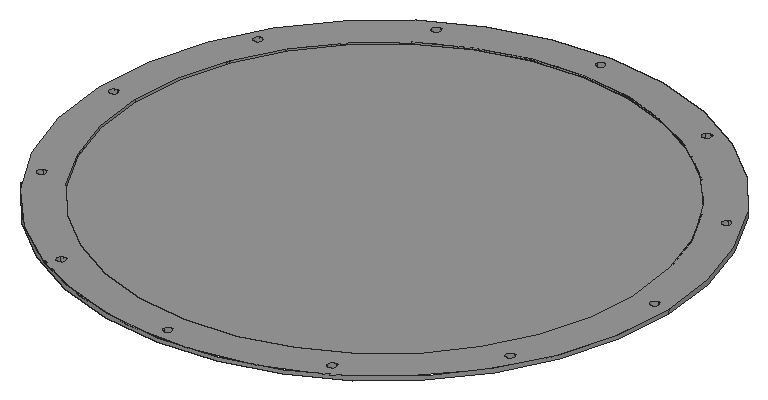
Revit family "СЗ-ВО_Eng", category Duct Accessories, Revit 2021
Family settings
  Round Connector Dimension = Use Diameter
  Part Type = Attaches To
  Work Plane-Based = No
  Always vertical = Yes
  Cut with Voids When Loaded = No
  Shared = No
Parameters (values of type "SZ-VO-710")
  Weight = 2.28 kg
  Load Classification = "HVAC"
  Height = 6 mm  # constant formula
  Diameter = D2  # 810 mm
  Default Elevation = 0 mm
  Manufacturer = "Vents"  # constant formula
  n = 16
  URL = "https://ventilation-system.com/series/sz-vo"
  R1 = D1 / 2  # 385 mm
  d = 12 mm
  Maintenance zone material = none
  Grid Material = Mesh, steel, painted RAL5007
  Dy = 710 mm
  D2 = 810 mm
  D1 = 770 mm
  Casing Material = Metal, painted, blue, matte RAL 5007
  09_System_Name [instance] = ""
  00_20_Type = "SZ-VO-710"
  00_20_Name = "Protective mesh"  # constant formula
  00_20_Manufacturer = "Vents"  # constant formula
Types (12, lengths in mm): name | Weight | Diameter | n | R1 | d | Dy | D2 | D1 | 00_20_Type
  (no name) | 2.28 kg | 810 | 16 | 385 | 12 | 710 | 810 | 770 | "SZ-VO-710"
  SZ-VO-400 | 1.28 kg | 490 | 12 | 225 | 8 | 400 | 490 | 450 | "SZ-VO-400"
  SZ-VO-450 | 1.45 kg | 540 | 12 | 250 | 8 | 450 | 540 | 500 | "SZ-VO-450"
  SZ-VO-500 | 1.77 kg | 600 | 12 | 280 | 12 | 500 | 600 | 560 | "SZ-VO-500"
  SZ-VO-560 | 2.00 kg | 660 | 12 | 310 | 12 | 560 | 660 | 620 | "SZ-VO-560"
  SZ-VO-630 | 2.28 kg | 730 | 12 | 345 | 12 | 630 | 730 | 690 | "SZ-VO-630"
  SZ-VO-710 | 2.28 kg | 810 | 16 | 385 | 12 | 710 | 810 | 770 | "SZ-VO-710"
  SZ-VO-800 | 2.59 kg | 900 | 16 | 430 | 12 | 800 | 900 | 860 | "SZ-VO-800"
  SZ-VO-900 | 3.83 kg | 1015 | 16 | 485 | 15 | 900 | 1015 | 970 | "SZ-VO-900"
  SZ-VO-1000 | 4.32 kg | 1115 | 16 | 535 | 15 | 1000 | 1115 | 1070 | "SZ-VO-1000"
  SZ-VO-1120 | 6.20 kg | 1270 | 20 | 595 | 15 | 1120 | 1270 | 1190 | "SZ-VO-1120"
  SZ-VO-1250 | 7.03 kg | 1400 | 20 | 660 | 15 | 1250 | 1400 | 1320 | "SZ-VO-1250"
Reference planes
  plane 1 "По центру (Вперед/Назад)": y = 0
  plane 2: z = 0
  plane 3 "По центру (Влево/Вправо)": x = 0
Forms (mm)
  Extrusion 1, solid, material "Metal, painted, blue, matte RAL 5007" <- "Casing Material"
    sketch origin (0, 0, 0) x (1, 0, 0) y (0, 1, 0)
      loop
        circle (0, 0) r 355
      loop
        circle (0, 0) r 405
    from 0 to 6
  Extrusion 2, void
    sketch origin (0, 105, 0) x (1, 0, 0) y (0, 1, 0)
      loop
        circle (0, 280) r 6
    from 0 to 6
  Extrusion 3, void
    sketch origin (52.5, 90.933, 0) x (0.866025, -0.5, 0) y (0.5, 0.866025, 0)
      loop
        circle (0, 280) r 6
    from 0 to 6
  Extrusion 4, void
    sketch origin (-52.5, 90.933, 0) x (0.866025, 0.5, 0) y (-0.5, 0.866025, 0)
      loop
        circle (0, 280) r 6
    from 0 to 6
  Extrusion 5, void
    sketch origin (-90.933, 52.5, 0) x (0.5, 0.866025, 0) y (-0.866025, 0.5, 0)
      loop
        circle (0, 280) r 6
    from 0 to 6
  Extrusion 6, void
    sketch origin (-105, 0, 0) x (0, 1, 0) y (-1, 0, 0)
      loop
        circle (0, 280) r 6
    from 0 to 6
  Extrusion 7, void
    sketch origin (-90.933, -52.5, 0) x (-0.5, 0.866025, 0) y (-0.866025, -0.5, 0)
      loop
        circle (0, 280) r 6
    from 0 to 6
  Extrusion 8, void
    sketch origin (-52.5, -90.933, 0) x (-0.866025, 0.5, 0) y (-0.5, -0.866025, 0)
      loop
        circle (0, 280) r 6
    from 0 to 6
  Extrusion 9, void
    sketch origin (0, -105, 0) x (-1, 0, 0) y (0, -1, 0)
      loop
        circle (0, 280) r 6
    from 0 to 6
  Extrusion 10, void
    sketch origin (52.5, -90.933, 0) x (-0.866025, -0.5, 0) y (0.5, -0.866025, 0)
      loop
        circle (0, 280) r 6
    from 0 to 6
  Extrusion 11, void
    sketch origin (90.933, -52.5, 0) x (-0.5, -0.866025, 0) y (0.866025, -0.5, 0)
      loop
        circle (0, 280) r 6
    from 0 to 6
  Extrusion 12, void
    sketch origin (105, 0, 0) x (0, -1, 0) y (1, 0, 0)
      loop
        circle (0, 280) r 6
    from 0 to 6
  Extrusion 13, void
    sketch origin (90.933, 52.5, 0) x (0.5, -0.866025, 0) y (0.866025, 0.5, 0)
      loop
        circle (0, 280) r 6
    from 0 to 6
  Extrusion 14, solid, material "Mesh, steel, painted RAL5007" <- "Grid Material"
    sketch origin (0, 0, 0) x (1, 0, 0) y (0, 1, 0)
      loop
        circle (0, 0) r 355
    from 2 to 4
Cuts and joins
  Extrusion 2, Extrusion 3, Extrusion 4, Extrusion 5, Extrusion 6, Extrusion 7, Extrusion 8, Extrusion 9, Extrusion 10, Extrusion 11, Extrusion 12, Extrusion 13 cuts Extrusion 1
Dimensions and locks
  "Dy": diameter of Extrusion 1 sketch curve
  "D2": diameter of Extrusion 1 sketch curve
  "d": diameter of Extrusion 2 sketch curve
  "d": diameter of Extrusion 3 sketch curve
  "d": diameter of Extrusion 4 sketch curve
  "d": diameter of Extrusion 5 sketch curve
  "d": diameter of Extrusion 6 sketch curve
  "d": diameter of Extrusion 7 sketch curve
  "d": diameter of Extrusion 8 sketch curve
  "d": diameter of Extrusion 9 sketch curve
  "d": diameter of Extrusion 10 sketch curve
  "d": diameter of Extrusion 11 sketch curve
  "d": diameter of Extrusion 12 sketch curve
  "d": diameter of Extrusion 13 sketch curve
  "R1": radius of radial array
  "Dy": diameter of Extrusion 14 sketch curve
  aligned and locked: level to plane 2
Automatic sketch dimensions
  Extrusion 1 sketch curve to Extrusion 1 sketch curve = 0 mm  (x2)
  plane 1 "По центру (Вперед/Назад)" to Extrusion 1 sketch curve = 0 mm
  Extrusion 1 sketch curve to plane 3 "По центру (Влево/Вправо)" = 0 mm
  plane 1 "По центру (Вперед/Назад)" to Extrusion 14 sketch curve = 0 mm
  Extrusion 14 sketch curve to plane 3 "По центру (Влево/Вправо)" = 0 mm
